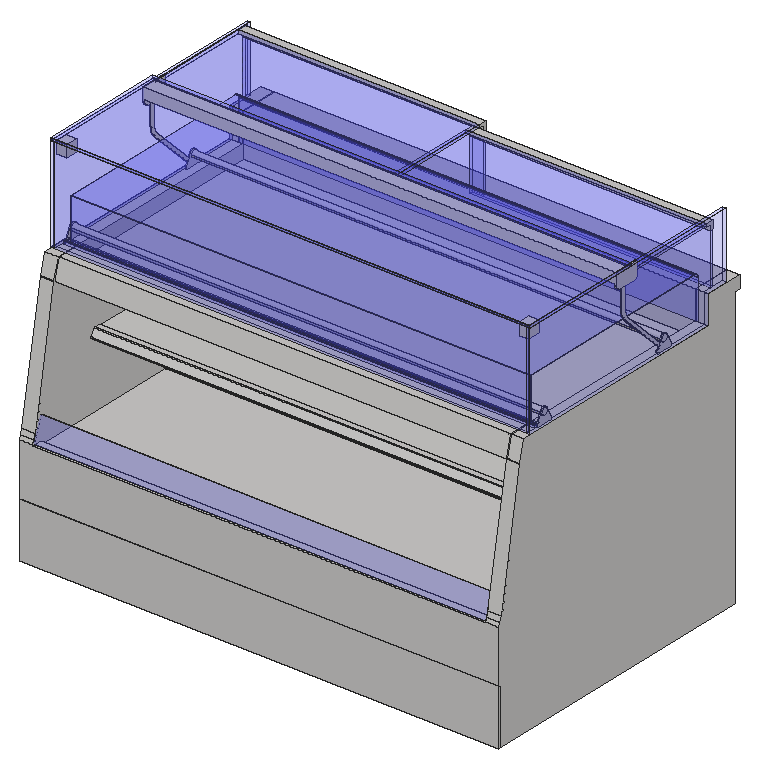
Revit family "Food-Service-Equipment_Oscartek_Gem_Combi-1500Rt_cat", category Specialty Equipment, Revit 2026 (continued)
Lines and regions (in)
  Split face 188
    outline origin (56.41942, -0.7874, 35.69127) x (0, 0, 1) y (1, 0, 0)
      loop
        line (-11.11742, -43.78699) -> (-11.11742, -42.91639)
        arc (-11.11742, -42.91639) -> (-11.12085, -42.86749) -> (-11.13107, -42.81955) r 0.35039
        line (-11.13107, -42.81955) -> (-11.2465, -42.41815)
        arc (-11.2465, -42.41815) -> (-11.2717, -42.38154) -> (-11.31385, -42.36744) r 0.07008
        line (-11.31385, -42.36744) -> (-11.41227, -42.36744) -> (-11.41227, -44.33594) -> (-11.31385, -44.33594)
        arc (-11.31385, -44.33594) -> (-11.2717, -44.32184) -> (-11.2465, -44.28523) r 0.07008
        line (-11.2465, -44.28523) -> (-11.13107, -43.88383)
        arc (-11.13107, -43.88383) -> (-11.12085, -43.83589) -> (-11.11742, -43.78699) r 0.35039
  Split face 189
    outline origin (56.41942, -0.7874, 34.69127) x (0, 0, 1) y (1, 0, 0)
      loop
        line (-11.11742, -43.78699) -> (-11.11742, -42.91639)
        arc (-11.11742, -42.91639) -> (-11.12085, -42.86749) -> (-11.13107, -42.81955) r 0.35039
        line (-11.13107, -42.81955) -> (-11.2465, -42.41815)
        arc (-11.2465, -42.41815) -> (-11.2717, -42.38154) -> (-11.31385, -42.36744) r 0.07008
        line (-11.31385, -42.36744) -> (-11.41227, -42.36744) -> (-11.41227, -44.33594) -> (-11.31385, -44.33594)
        arc (-11.31385, -44.33594) -> (-11.2717, -44.32184) -> (-11.2465, -44.28523) r 0.07008
        line (-11.2465, -44.28523) -> (-11.13107, -43.88383)
        arc (-11.13107, -43.88383) -> (-11.12085, -43.83589) -> (-11.11742, -43.78699) r 0.35039
  Split face 190
    outline origin (56.41942, -0.7874, 33.69127) x (0, 0, 1) y (1, 0, 0)
      loop
        line (-11.11742, -43.78699) -> (-11.11742, -42.91639)
        arc (-11.11742, -42.91639) -> (-11.12085, -42.86749) -> (-11.13107, -42.81955) r 0.35039
        line (-11.13107, -42.81955) -> (-11.2465, -42.41815)
        arc (-11.2465, -42.41815) -> (-11.2717, -42.38154) -> (-11.31385, -42.36744) r 0.07008
        line (-11.31385, -42.36744) -> (-11.41227, -42.36744) -> (-11.41227, -44.33594) -> (-11.31385, -44.33594)
        arc (-11.31385, -44.33594) -> (-11.2717, -44.32184) -> (-11.2465, -44.28523) r 0.07008
        line (-11.2465, -44.28523) -> (-11.13107, -43.88383)
        arc (-11.13107, -43.88383) -> (-11.12085, -43.83589) -> (-11.11742, -43.78699) r 0.35039
  Split face 191
    outline origin (56.41942, -0.7874, 32.69127) x (0, 0, 1) y (1, 0, 0)
      loop
        line (-11.11742, -43.78699) -> (-11.11742, -42.91639)
        arc (-11.11742, -42.91639) -> (-11.12085, -42.86749) -> (-11.13107, -42.81955) r 0.35039
        line (-11.13107, -42.81955) -> (-11.2465, -42.41815)
        arc (-11.2465, -42.41815) -> (-11.2717, -42.38154) -> (-11.31385, -42.36744) r 0.07008
        line (-11.31385, -42.36744) -> (-11.41227, -42.36744) -> (-11.41227, -44.33594) -> (-11.31385, -44.33594)
        arc (-11.31385, -44.33594) -> (-11.2717, -44.32184) -> (-11.2465, -44.28523) r 0.07008
        line (-11.2465, -44.28523) -> (-11.13107, -43.88383)
        arc (-11.13107, -43.88383) -> (-11.12085, -43.83589) -> (-11.11742, -43.78699) r 0.35039
  Split face 192
    outline origin (56.41942, -0.7874, 31.69127) x (0, 0, 1) y (1, 0, 0)
      loop
        line (-11.11742, -43.78699) -> (-11.11742, -42.91639)
        arc (-11.11742, -42.91639) -> (-11.12085, -42.86749) -> (-11.13107, -42.81955) r 0.35039
        line (-11.13107, -42.81955) -> (-11.2465, -42.41815)
        arc (-11.2465, -42.41815) -> (-11.2717, -42.38154) -> (-11.31385, -42.36744) r 0.07008
        line (-11.31385, -42.36744) -> (-11.41227, -42.36744) -> (-11.41227, -44.33594) -> (-11.31385, -44.33594)
        arc (-11.31385, -44.33594) -> (-11.2717, -44.32184) -> (-11.2465, -44.28523) r 0.07008
        line (-11.2465, -44.28523) -> (-11.13107, -43.88383)
        arc (-11.13107, -43.88383) -> (-11.12085, -43.83589) -> (-11.11742, -43.78699) r 0.35039
  Split face 193
    outline origin (56.41942, -0.7874, 30.69127) x (0, 0, 1) y (1, 0, 0)
      loop
        line (-11.11742, -43.78699) -> (-11.11742, -42.91639)
        arc (-11.11742, -42.91639) -> (-11.12085, -42.86749) -> (-11.13107, -42.81955) r 0.35039
        line (-11.13107, -42.81955) -> (-11.2465, -42.41815)
        arc (-11.2465, -42.41815) -> (-11.2717, -42.38154) -> (-11.31385, -42.36744) r 0.07008
        line (-11.31385, -42.36744) -> (-11.41227, -42.36744) -> (-11.41227, -44.33594) -> (-11.31385, -44.33594)
        arc (-11.31385, -44.33594) -> (-11.2717, -44.32184) -> (-11.2465, -44.28523) r 0.07008
        line (-11.2465, -44.28523) -> (-11.13107, -43.88383)
        arc (-11.13107, -43.88383) -> (-11.12085, -43.83589) -> (-11.11742, -43.78699) r 0.35039
  Split face 194
    outline origin (56.41942, -0.7874, 29.69127) x (0, 0, 1) y (1, 0, 0)
      loop
        line (-11.11742, -43.78699) -> (-11.11742, -42.91639)
        arc (-11.11742, -42.91639) -> (-11.12085, -42.86749) -> (-11.13107, -42.81955) r 0.35039
        line (-11.13107, -42.81955) -> (-11.2465, -42.41815)
        arc (-11.2465, -42.41815) -> (-11.2717, -42.38154) -> (-11.31385, -42.36744) r 0.07008
        line (-11.31385, -42.36744) -> (-11.41227, -42.36744) -> (-11.41227, -44.33594) -> (-11.31385, -44.33594)
        arc (-11.31385, -44.33594) -> (-11.2717, -44.32184) -> (-11.2465, -44.28523) r 0.07008
        line (-11.2465, -44.28523) -> (-11.13107, -43.88383)
        arc (-11.13107, -43.88383) -> (-11.12085, -43.83589) -> (-11.11742, -43.78699) r 0.35039
  Split face 195
    outline origin (56.41942, -0.7874, 28.69127) x (0, 0, 1) y (1, 0, 0)
      loop
        line (-11.11742, -43.78699) -> (-11.11742, -42.91639)
        arc (-11.11742, -42.91639) -> (-11.12085, -42.86749) -> (-11.13107, -42.81955) r 0.35039
        line (-11.13107, -42.81955) -> (-11.2465, -42.41815)
        arc (-11.2465, -42.41815) -> (-11.2717, -42.38154) -> (-11.31385, -42.36744) r 0.07008
        line (-11.31385, -42.36744) -> (-11.41227, -42.36744) -> (-11.41227, -44.33594) -> (-11.31385, -44.33594)
        arc (-11.31385, -44.33594) -> (-11.2717, -44.32184) -> (-11.2465, -44.28523) r 0.07008
        line (-11.2465, -44.28523) -> (-11.13107, -43.88383)
        arc (-11.13107, -43.88383) -> (-11.12085, -43.83589) -> (-11.11742, -43.78699) r 0.35039
  Split face 196
    outline origin (56.41942, -0.7874, 27.69127) x (0, 0, 1) y (1, 0, 0)
      loop
        line (-11.11742, -43.78699) -> (-11.11742, -42.91639)
        arc (-11.11742, -42.91639) -> (-11.12085, -42.86749) -> (-11.13107, -42.81955) r 0.35039
        line (-11.13107, -42.81955) -> (-11.2465, -42.41815)
        arc (-11.2465, -42.41815) -> (-11.2717, -42.38154) -> (-11.31385, -42.36744) r 0.07008
        line (-11.31385, -42.36744) -> (-11.41227, -42.36744) -> (-11.41227, -44.33594) -> (-11.31385, -44.33594)
        arc (-11.31385, -44.33594) -> (-11.2717, -44.32184) -> (-11.2465, -44.28523) r 0.07008
        line (-11.2465, -44.28523) -> (-11.13107, -43.88383)
        arc (-11.13107, -43.88383) -> (-11.12085, -43.83589) -> (-11.11742, -43.78699) r 0.35039
  Split face 197
    outline origin (56.41942, -0.7874, 36.69127) x (0, 0, 1) y (1, 0, 0)
      loop
        line (-11.11742, -43.78699) -> (-11.11742, -42.91639)
        arc (-11.11742, -42.91639) -> (-11.12085, -42.86749) -> (-11.13107, -42.81955) r 0.35039
        line (-11.13107, -42.81955) -> (-11.2465, -42.41815)
        arc (-11.2465, -42.41815) -> (-11.2717, -42.38154) -> (-11.31385, -42.36744) r 0.07008
        line (-11.31385, -42.36744) -> (-11.41227, -42.36744) -> (-11.41227, -44.33594) -> (-11.31385, -44.33594)
        arc (-11.31385, -44.33594) -> (-11.2717, -44.32184) -> (-11.2465, -44.28523) r 0.07008
        line (-11.2465, -44.28523) -> (-11.13107, -43.88383)
        arc (-11.13107, -43.88383) -> (-11.12085, -43.83589) -> (-11.11742, -43.78699) r 0.35039
  Split face 198
    outline origin (58.66942, -0.7874, 26.69127) x (0, 0, 1) y (1, 0, 0)
      loop
        line (-11.11742, -43.78699) -> (-11.11742, -42.91639)
        arc (-11.11742, -42.91639) -> (-11.12085, -42.86749) -> (-11.13107, -42.81955) r 0.35039
        line (-11.13107, -42.81955) -> (-11.2465, -42.41815)
        arc (-11.2465, -42.41815) -> (-11.2717, -42.38154) -> (-11.31385, -42.36744) r 0.07008
        line (-11.31385, -42.36744) -> (-11.41227, -42.36744) -> (-11.41227, -44.33594) -> (-11.31385, -44.33594)
        arc (-11.31385, -44.33594) -> (-11.2717, -44.32184) -> (-11.2465, -44.28523) r 0.07008
        line (-11.2465, -44.28523) -> (-11.13107, -43.88383)
        arc (-11.13107, -43.88383) -> (-11.12085, -43.83589) -> (-11.11742, -43.78699) r 0.35039
  Split face 199
    outline origin (58.66942, -0.7874, 25.69127) x (0, 0, 1) y (1, 0, 0)
      loop
        line (-11.11742, -43.78699) -> (-11.11742, -42.91639)
        arc (-11.11742, -42.91639) -> (-11.12085, -42.86749) -> (-11.13107, -42.81955) r 0.35039
        line (-11.13107, -42.81955) -> (-11.2465, -42.41815)
        arc (-11.2465, -42.41815) -> (-11.2717, -42.38154) -> (-11.31385, -42.36744) r 0.07008
        line (-11.31385, -42.36744) -> (-11.41227, -42.36744) -> (-11.41227, -44.33594) -> (-11.31385, -44.33594)
        arc (-11.31385, -44.33594) -> (-11.2717, -44.32184) -> (-11.2465, -44.28523) r 0.07008
        line (-11.2465, -44.28523) -> (-11.13107, -43.88383)
        arc (-11.13107, -43.88383) -> (-11.12085, -43.83589) -> (-11.11742, -43.78699) r 0.35039
  Split face 200
    outline origin (58.66942, -0.7874, 24.69127) x (0, 0, 1) y (1, 0, 0)
      loop
        line (-11.11742, -43.78699) -> (-11.11742, -42.91639)
        arc (-11.11742, -42.91639) -> (-11.12085, -42.86749) -> (-11.13107, -42.81955) r 0.35039
        line (-11.13107, -42.81955) -> (-11.2465, -42.41815)
        arc (-11.2465, -42.41815) -> (-11.2717, -42.38154) -> (-11.31385, -42.36744) r 0.07008
        line (-11.31385, -42.36744) -> (-11.41227, -42.36744) -> (-11.41227, -44.33594) -> (-11.31385, -44.33594)
        arc (-11.31385, -44.33594) -> (-11.2717, -44.32184) -> (-11.2465, -44.28523) r 0.07008
        line (-11.2465, -44.28523) -> (-11.13107, -43.88383)
        arc (-11.13107, -43.88383) -> (-11.12085, -43.83589) -> (-11.11742, -43.78699) r 0.35039
  Split face 201
    outline origin (58.66942, -0.7874, 23.69127) x (0, 0, 1) y (1, 0, 0)
      loop
        line (-11.11742, -43.78699) -> (-11.11742, -42.91639)
        arc (-11.11742, -42.91639) -> (-11.12085, -42.86749) -> (-11.13107, -42.81955) r 0.35039
        line (-11.13107, -42.81955) -> (-11.2465, -42.41815)
        arc (-11.2465, -42.41815) -> (-11.2717, -42.38154) -> (-11.31385, -42.36744) r 0.07008
        line (-11.31385, -42.36744) -> (-11.41227, -42.36744) -> (-11.41227, -44.33594) -> (-11.31385, -44.33594)
        arc (-11.31385, -44.33594) -> (-11.2717, -44.32184) -> (-11.2465, -44.28523) r 0.07008
        line (-11.2465, -44.28523) -> (-11.13107, -43.88383)
        arc (-11.13107, -43.88383) -> (-11.12085, -43.83589) -> (-11.11742, -43.78699) r 0.35039
  Split face 202
    outline origin (58.66942, -0.7874, 22.69127) x (0, 0, 1) y (1, 0, 0)
      loop
        line (-11.11742, -43.78699) -> (-11.11742, -42.91639)
        arc (-11.11742, -42.91639) -> (-11.12085, -42.86749) -> (-11.13107, -42.81955) r 0.35039
        line (-11.13107, -42.81955) -> (-11.2465, -42.41815)
        arc (-11.2465, -42.41815) -> (-11.2717, -42.38154) -> (-11.31385, -42.36744) r 0.07008
        line (-11.31385, -42.36744) -> (-11.41227, -42.36744) -> (-11.41227, -44.33594) -> (-11.31385, -44.33594)
        arc (-11.31385, -44.33594) -> (-11.2717, -44.32184) -> (-11.2465, -44.28523) r 0.07008
        line (-11.2465, -44.28523) -> (-11.13107, -43.88383)
        arc (-11.13107, -43.88383) -> (-11.12085, -43.83589) -> (-11.11742, -43.78699) r 0.35039
  Split face 203
    outline origin (58.66942, -0.7874, 21.69127) x (0, 0, 1) y (1, 0, 0)
      loop
        line (-11.11742, -43.78699) -> (-11.11742, -42.91639)
        arc (-11.11742, -42.91639) -> (-11.12085, -42.86749) -> (-11.13107, -42.81955) r 0.35039
        line (-11.13107, -42.81955) -> (-11.2465, -42.41815)
        arc (-11.2465, -42.41815) -> (-11.2717, -42.38154) -> (-11.31385, -42.36744) r 0.07008
        line (-11.31385, -42.36744) -> (-11.41227, -42.36744) -> (-11.41227, -44.33594) -> (-11.31385, -44.33594)
        arc (-11.31385, -44.33594) -> (-11.2717, -44.32184) -> (-11.2465, -44.28523) r 0.07008
        line (-11.2465, -44.28523) -> (-11.13107, -43.88383)
        arc (-11.13107, -43.88383) -> (-11.12085, -43.83589) -> (-11.11742, -43.78699) r 0.35039
  Split face 204
    outline origin (58.66942, -0.7874, 20.69127) x (0, 0, 1) y (1, 0, 0)
      loop
        line (-11.11742, -43.78699) -> (-11.11742, -42.91639)
        arc (-11.11742, -42.91639) -> (-11.12085, -42.86749) -> (-11.13107, -42.81955) r 0.35039
        line (-11.13107, -42.81955) -> (-11.2465, -42.41815)
        arc (-11.2465, -42.41815) -> (-11.2717, -42.38154) -> (-11.31385, -42.36744) r 0.07008
        line (-11.31385, -42.36744) -> (-11.41227, -42.36744) -> (-11.41227, -44.33594) -> (-11.31385, -44.33594)
        arc (-11.31385, -44.33594) -> (-11.2717, -44.32184) -> (-11.2465, -44.28523) r 0.07008
        line (-11.2465, -44.28523) -> (-11.13107, -43.88383)
        arc (-11.13107, -43.88383) -> (-11.12085, -43.83589) -> (-11.11742, -43.78699) r 0.35039
  Split face 205
    outline origin (58.66942, -0.7874, 19.69127) x (0, 0, 1) y (1, 0, 0)
      loop
        line (-11.11742, -43.78699) -> (-11.11742, -42.91639)
        arc (-11.11742, -42.91639) -> (-11.12085, -42.86749) -> (-11.13107, -42.81955) r 0.35039
        line (-11.13107, -42.81955) -> (-11.2465, -42.41815)
        arc (-11.2465, -42.41815) -> (-11.2717, -42.38154) -> (-11.31385, -42.36744) r 0.07008
        line (-11.31385, -42.36744) -> (-11.41227, -42.36744) -> (-11.41227, -44.33594) -> (-11.31385, -44.33594)
        arc (-11.31385, -44.33594) -> (-11.2717, -44.32184) -> (-11.2465, -44.28523) r 0.07008
        line (-11.2465, -44.28523) -> (-11.13107, -43.88383)
        arc (-11.13107, -43.88383) -> (-11.12085, -43.83589) -> (-11.11742, -43.78699) r 0.35039
  Split face 206
    outline origin (58.66942, -0.7874, 18.69127) x (0, 0, 1) y (1, 0, 0)
      loop
        line (-11.11742, -43.78699) -> (-11.11742, -42.91639)
        arc (-11.11742, -42.91639) -> (-11.12085, -42.86749) -> (-11.13107, -42.81955) r 0.35039
        line (-11.13107, -42.81955) -> (-11.2465, -42.41815)
        arc (-11.2465, -42.41815) -> (-11.2717, -42.38154) -> (-11.31385, -42.36744) r 0.07008
        line (-11.31385, -42.36744) -> (-11.41227, -42.36744) -> (-11.41227, -44.33594) -> (-11.31385, -44.33594)
        arc (-11.31385, -44.33594) -> (-11.2717, -44.32184) -> (-11.2465, -44.28523) r 0.07008
        line (-11.2465, -44.28523) -> (-11.13107, -43.88383)
        arc (-11.13107, -43.88383) -> (-11.12085, -43.83589) -> (-11.11742, -43.78699) r 0.35039
  Split face 207
    outline origin (58.66942, -0.7874, 17.69127) x (0, 0, 1) y (1, 0, 0)
      loop
        line (-11.11742, -43.78699) -> (-11.11742, -42.91639)
        arc (-11.11742, -42.91639) -> (-11.12085, -42.86749) -> (-11.13107, -42.81955) r 0.35039
        line (-11.13107, -42.81955) -> (-11.2465, -42.41815)
        arc (-11.2465, -42.41815) -> (-11.2717, -42.38154) -> (-11.31385, -42.36744) r 0.07008
        line (-11.31385, -42.36744) -> (-11.41227, -42.36744) -> (-11.41227, -44.33594) -> (-11.31385, -44.33594)
        arc (-11.31385, -44.33594) -> (-11.2717, -44.32184) -> (-11.2465, -44.28523) r 0.07008
        line (-11.2465, -44.28523) -> (-11.13107, -43.88383)
        arc (-11.13107, -43.88383) -> (-11.12085, -43.83589) -> (-11.11742, -43.78699) r 0.35039
  Split face 208
    outline origin (58.66942, -0.7874, 35.69127) x (0, 0, 1) y (1, 0, 0)
      loop
        line (-11.11742, -43.78699) -> (-11.11742, -42.91639)
        arc (-11.11742, -42.91639) -> (-11.12085, -42.86749) -> (-11.13107, -42.81955) r 0.35039
        line (-11.13107, -42.81955) -> (-11.2465, -42.41815)
        arc (-11.2465, -42.41815) -> (-11.2717, -42.38154) -> (-11.31385, -42.36744) r 0.07008
        line (-11.31385, -42.36744) -> (-11.41227, -42.36744) -> (-11.41227, -44.33594) -> (-11.31385, -44.33594)
        arc (-11.31385, -44.33594) -> (-11.2717, -44.32184) -> (-11.2465, -44.28523) r 0.07008
        line (-11.2465, -44.28523) -> (-11.13107, -43.88383)
        arc (-11.13107, -43.88383) -> (-11.12085, -43.83589) -> (-11.11742, -43.78699) r 0.35039
  Split face 209
    outline origin (58.66942, -0.7874, 34.69127) x (0, 0, 1) y (1, 0, 0)
      loop
        line (-11.11742, -43.78699) -> (-11.11742, -42.91639)
        arc (-11.11742, -42.91639) -> (-11.12085, -42.86749) -> (-11.13107, -42.81955) r 0.35039
        line (-11.13107, -42.81955) -> (-11.2465, -42.41815)
        arc (-11.2465, -42.41815) -> (-11.2717, -42.38154) -> (-11.31385, -42.36744) r 0.07008
        line (-11.31385, -42.36744) -> (-11.41227, -42.36744) -> (-11.41227, -44.33594) -> (-11.31385, -44.33594)
        arc (-11.31385, -44.33594) -> (-11.2717, -44.32184) -> (-11.2465, -44.28523) r 0.07008
        line (-11.2465, -44.28523) -> (-11.13107, -43.88383)
        arc (-11.13107, -43.88383) -> (-11.12085, -43.83589) -> (-11.11742, -43.78699) r 0.35039
  Split face 210
    outline origin (58.66942, -0.7874, 33.69127) x (0, 0, 1) y (1, 0, 0)
      loop
        line (-11.11742, -43.78699) -> (-11.11742, -42.91639)
        arc (-11.11742, -42.91639) -> (-11.12085, -42.86749) -> (-11.13107, -42.81955) r 0.35039
        line (-11.13107, -42.81955) -> (-11.2465, -42.41815)
        arc (-11.2465, -42.41815) -> (-11.2717, -42.38154) -> (-11.31385, -42.36744) r 0.07008
        line (-11.31385, -42.36744) -> (-11.41227, -42.36744) -> (-11.41227, -44.33594) -> (-11.31385, -44.33594)
        arc (-11.31385, -44.33594) -> (-11.2717, -44.32184) -> (-11.2465, -44.28523) r 0.07008
        line (-11.2465, -44.28523) -> (-11.13107, -43.88383)
        arc (-11.13107, -43.88383) -> (-11.12085, -43.83589) -> (-11.11742, -43.78699) r 0.35039
  Split face 211
    outline origin (58.66942, -0.7874, 32.69127) x (0, 0, 1) y (1, 0, 0)
      loop
        line (-11.11742, -43.78699) -> (-11.11742, -42.91639)
        arc (-11.11742, -42.91639) -> (-11.12085, -42.86749) -> (-11.13107, -42.81955) r 0.35039
        line (-11.13107, -42.81955) -> (-11.2465, -42.41815)
        arc (-11.2465, -42.41815) -> (-11.2717, -42.38154) -> (-11.31385, -42.36744) r 0.07008
        line (-11.31385, -42.36744) -> (-11.41227, -42.36744) -> (-11.41227, -44.33594) -> (-11.31385, -44.33594)
        arc (-11.31385, -44.33594) -> (-11.2717, -44.32184) -> (-11.2465, -44.28523) r 0.07008
        line (-11.2465, -44.28523) -> (-11.13107, -43.88383)
        arc (-11.13107, -43.88383) -> (-11.12085, -43.83589) -> (-11.11742, -43.78699) r 0.35039
  Split face 212
    outline origin (58.66942, -0.7874, 31.69127) x (0, 0, 1) y (1, 0, 0)
      loop
        line (-11.11742, -43.78699) -> (-11.11742, -42.91639)
        arc (-11.11742, -42.91639) -> (-11.12085, -42.86749) -> (-11.13107, -42.81955) r 0.35039
        line (-11.13107, -42.81955) -> (-11.2465, -42.41815)
        arc (-11.2465, -42.41815) -> (-11.2717, -42.38154) -> (-11.31385, -42.36744) r 0.07008
        line (-11.31385, -42.36744) -> (-11.41227, -42.36744) -> (-11.41227, -44.33594) -> (-11.31385, -44.33594)
        arc (-11.31385, -44.33594) -> (-11.2717, -44.32184) -> (-11.2465, -44.28523) r 0.07008
        line (-11.2465, -44.28523) -> (-11.13107, -43.88383)
        arc (-11.13107, -43.88383) -> (-11.12085, -43.83589) -> (-11.11742, -43.78699) r 0.35039
  Split face 213
    outline origin (58.66942, -0.7874, 30.69127) x (0, 0, 1) y (1, 0, 0)
      loop
        line (-11.11742, -43.78699) -> (-11.11742, -42.91639)
        arc (-11.11742, -42.91639) -> (-11.12085, -42.86749) -> (-11.13107, -42.81955) r 0.35039
        line (-11.13107, -42.81955) -> (-11.2465, -42.41815)
        arc (-11.2465, -42.41815) -> (-11.2717, -42.38154) -> (-11.31385, -42.36744) r 0.07008
        line (-11.31385, -42.36744) -> (-11.41227, -42.36744) -> (-11.41227, -44.33594) -> (-11.31385, -44.33594)
        arc (-11.31385, -44.33594) -> (-11.2717, -44.32184) -> (-11.2465, -44.28523) r 0.07008
        line (-11.2465, -44.28523) -> (-11.13107, -43.88383)
        arc (-11.13107, -43.88383) -> (-11.12085, -43.83589) -> (-11.11742, -43.78699) r 0.35039
  Split face 214
    outline origin (58.66942, -0.7874, 29.69127) x (0, 0, 1) y (1, 0, 0)
      loop
        line (-11.11742, -43.78699) -> (-11.11742, -42.91639)
        arc (-11.11742, -42.91639) -> (-11.12085, -42.86749) -> (-11.13107, -42.81955) r 0.35039
        line (-11.13107, -42.81955) -> (-11.2465, -42.41815)
        arc (-11.2465, -42.41815) -> (-11.2717, -42.38154) -> (-11.31385, -42.36744) r 0.07008
        line (-11.31385, -42.36744) -> (-11.41227, -42.36744) -> (-11.41227, -44.33594) -> (-11.31385, -44.33594)
        arc (-11.31385, -44.33594) -> (-11.2717, -44.32184) -> (-11.2465, -44.28523) r 0.07008
        line (-11.2465, -44.28523) -> (-11.13107, -43.88383)
        arc (-11.13107, -43.88383) -> (-11.12085, -43.83589) -> (-11.11742, -43.78699) r 0.35039
  Split face 215
    outline origin (58.66942, -0.7874, 28.69127) x (0, 0, 1) y (1, 0, 0)
      loop
        line (-11.11742, -43.78699) -> (-11.11742, -42.91639)
        arc (-11.11742, -42.91639) -> (-11.12085, -42.86749) -> (-11.13107, -42.81955) r 0.35039
        line (-11.13107, -42.81955) -> (-11.2465, -42.41815)
        arc (-11.2465, -42.41815) -> (-11.2717, -42.38154) -> (-11.31385, -42.36744) r 0.07008
        line (-11.31385, -42.36744) -> (-11.41227, -42.36744) -> (-11.41227, -44.33594) -> (-11.31385, -44.33594)
        arc (-11.31385, -44.33594) -> (-11.2717, -44.32184) -> (-11.2465, -44.28523) r 0.07008
        line (-11.2465, -44.28523) -> (-11.13107, -43.88383)
        arc (-11.13107, -43.88383) -> (-11.12085, -43.83589) -> (-11.11742, -43.78699) r 0.35039
  Split face 216
    outline origin (58.66942, -0.7874, 27.69127) x (0, 0, 1) y (1, 0, 0)
      loop
        line (-11.11742, -43.78699) -> (-11.11742, -42.91639)
        arc (-11.11742, -42.91639) -> (-11.12085, -42.86749) -> (-11.13107, -42.81955) r 0.35039
        line (-11.13107, -42.81955) -> (-11.2465, -42.41815)
        arc (-11.2465, -42.41815) -> (-11.2717, -42.38154) -> (-11.31385, -42.36744) r 0.07008
        line (-11.31385, -42.36744) -> (-11.41227, -42.36744) -> (-11.41227, -44.33594) -> (-11.31385, -44.33594)
        arc (-11.31385, -44.33594) -> (-11.2717, -44.32184) -> (-11.2465, -44.28523) r 0.07008
        line (-11.2465, -44.28523) -> (-11.13107, -43.88383)
        arc (-11.13107, -43.88383) -> (-11.12085, -43.83589) -> (-11.11742, -43.78699) r 0.35039
  Split face 217
    outline origin (58.66942, -0.7874, 36.69127) x (0, 0, 1) y (1, 0, 0)
      loop
        line (-11.11742, -43.78699) -> (-11.11742, -42.91639)
        arc (-11.11742, -42.91639) -> (-11.12085, -42.86749) -> (-11.13107, -42.81955) r 0.35039
        line (-11.13107, -42.81955) -> (-11.2465, -42.41815)
        arc (-11.2465, -42.41815) -> (-11.2717, -42.38154) -> (-11.31385, -42.36744) r 0.07008
        line (-11.31385, -42.36744) -> (-11.41227, -42.36744) -> (-11.41227, -44.33594) -> (-11.31385, -44.33594)
        arc (-11.31385, -44.33594) -> (-11.2717, -44.32184) -> (-11.2465, -44.28523) r 0.07008
        line (-11.2465, -44.28523) -> (-11.13107, -43.88383)
        arc (-11.13107, -43.88383) -> (-11.12085, -43.83589) -> (-11.11742, -43.78699) r 0.35039
  Split face 218
    outline origin (65.16942, -0.7874, 26.69127) x (0, 0, 1) y (1, 0, 0)
      loop
        line (-11.11742, -24.09949) -> (-11.11742, -23.22889)
        arc (-11.11742, -23.22889) -> (-11.12085, -23.17999) -> (-11.13107, -23.13205) r 0.35039
        line (-11.13107, -23.13205) -> (-11.2465, -22.73065)
        arc (-11.2465, -22.73065) -> (-11.2717, -22.69404) -> (-11.31385, -22.67994) r 0.07008
        line (-11.31385, -22.67994) -> (-11.41227, -22.67994) -> (-11.41227, -24.64844) -> (-11.31385, -24.64844)
        arc (-11.31385, -24.64844) -> (-11.2717, -24.63434) -> (-11.2465, -24.59773) r 0.07008
        line (-11.2465, -24.59773) -> (-11.13107, -24.19633)
        arc (-11.13107, -24.19633) -> (-11.12085, -24.14839) -> (-11.11742, -24.09949) r 0.35039
  Split face 219
    outline origin (65.16942, -0.7874, 25.69127) x (0, 0, 1) y (1, 0, 0)
      loop
        line (-11.11742, -24.09949) -> (-11.11742, -23.22889)
        arc (-11.11742, -23.22889) -> (-11.12085, -23.17999) -> (-11.13107, -23.13205) r 0.35039
        line (-11.13107, -23.13205) -> (-11.2465, -22.73065)
        arc (-11.2465, -22.73065) -> (-11.2717, -22.69404) -> (-11.31385, -22.67994) r 0.07008
        line (-11.31385, -22.67994) -> (-11.41227, -22.67994) -> (-11.41227, -24.64844) -> (-11.31385, -24.64844)
        arc (-11.31385, -24.64844) -> (-11.2717, -24.63434) -> (-11.2465, -24.59773) r 0.07008
        line (-11.2465, -24.59773) -> (-11.13107, -24.19633)
        arc (-11.13107, -24.19633) -> (-11.12085, -24.14839) -> (-11.11742, -24.09949) r 0.35039
  Split face 220
    outline origin (65.16942, -0.7874, 24.69127) x (0, 0, 1) y (1, 0, 0)
      loop
        line (-11.11742, -24.09949) -> (-11.11742, -23.22889)
        arc (-11.11742, -23.22889) -> (-11.12085, -23.17999) -> (-11.13107, -23.13205) r 0.35039
        line (-11.13107, -23.13205) -> (-11.2465, -22.73065)
        arc (-11.2465, -22.73065) -> (-11.2717, -22.69404) -> (-11.31385, -22.67994) r 0.07008
        line (-11.31385, -22.67994) -> (-11.41227, -22.67994) -> (-11.41227, -24.64844) -> (-11.31385, -24.64844)
        arc (-11.31385, -24.64844) -> (-11.2717, -24.63434) -> (-11.2465, -24.59773) r 0.07008
        line (-11.2465, -24.59773) -> (-11.13107, -24.19633)
        arc (-11.13107, -24.19633) -> (-11.12085, -24.14839) -> (-11.11742, -24.09949) r 0.35039
  Split face 221
    outline origin (65.16942, -0.7874, 23.69127) x (0, 0, 1) y (1, 0, 0)
      loop
        line (-11.11742, -24.09949) -> (-11.11742, -23.22889)
        arc (-11.11742, -23.22889) -> (-11.12085, -23.17999) -> (-11.13107, -23.13205) r 0.35039
        line (-11.13107, -23.13205) -> (-11.2465, -22.73065)
        arc (-11.2465, -22.73065) -> (-11.2717, -22.69404) -> (-11.31385, -22.67994) r 0.07008
        line (-11.31385, -22.67994) -> (-11.41227, -22.67994) -> (-11.41227, -24.64844) -> (-11.31385, -24.64844)
        arc (-11.31385, -24.64844) -> (-11.2717, -24.63434) -> (-11.2465, -24.59773) r 0.07008
        line (-11.2465, -24.59773) -> (-11.13107, -24.19633)
        arc (-11.13107, -24.19633) -> (-11.12085, -24.14839) -> (-11.11742, -24.09949) r 0.35039
  Split face 222
    outline origin (65.16942, -0.7874, 22.69127) x (0, 0, 1) y (1, 0, 0)
      loop
        line (-11.11742, -24.09949) -> (-11.11742, -23.22889)
        arc (-11.11742, -23.22889) -> (-11.12085, -23.17999) -> (-11.13107, -23.13205) r 0.35039
        line (-11.13107, -23.13205) -> (-11.2465, -22.73065)
        arc (-11.2465, -22.73065) -> (-11.2717, -22.69404) -> (-11.31385, -22.67994) r 0.07008
        line (-11.31385, -22.67994) -> (-11.41227, -22.67994) -> (-11.41227, -24.64844) -> (-11.31385, -24.64844)
        arc (-11.31385, -24.64844) -> (-11.2717, -24.63434) -> (-11.2465, -24.59773) r 0.07008
        line (-11.2465, -24.59773) -> (-11.13107, -24.19633)
        arc (-11.13107, -24.19633) -> (-11.12085, -24.14839) -> (-11.11742, -24.09949) r 0.35039
  Split face 223
    outline origin (65.16942, -0.7874, 21.69127) x (0, 0, 1) y (1, 0, 0)
      loop
        line (-11.11742, -24.09949) -> (-11.11742, -23.22889)
        arc (-11.11742, -23.22889) -> (-11.12085, -23.17999) -> (-11.13107, -23.13205) r 0.35039
        line (-11.13107, -23.13205) -> (-11.2465, -22.73065)
        arc (-11.2465, -22.73065) -> (-11.2717, -22.69404) -> (-11.31385, -22.67994) r 0.07008
        line (-11.31385, -22.67994) -> (-11.41227, -22.67994) -> (-11.41227, -24.64844) -> (-11.31385, -24.64844)
        arc (-11.31385, -24.64844) -> (-11.2717, -24.63434) -> (-11.2465, -24.59773) r 0.07008
        line (-11.2465, -24.59773) -> (-11.13107, -24.19633)
        arc (-11.13107, -24.19633) -> (-11.12085, -24.14839) -> (-11.11742, -24.09949) r 0.35039
  Split face 224
    outline origin (65.16942, -0.7874, 20.69127) x (0, 0, 1) y (1, 0, 0)
      loop
        line (-11.11742, -24.09949) -> (-11.11742, -23.22889)
        arc (-11.11742, -23.22889) -> (-11.12085, -23.17999) -> (-11.13107, -23.13205) r 0.35039
        line (-11.13107, -23.13205) -> (-11.2465, -22.73065)
        arc (-11.2465, -22.73065) -> (-11.2717, -22.69404) -> (-11.31385, -22.67994) r 0.07008
        line (-11.31385, -22.67994) -> (-11.41227, -22.67994) -> (-11.41227, -24.64844) -> (-11.31385, -24.64844)
        arc (-11.31385, -24.64844) -> (-11.2717, -24.63434) -> (-11.2465, -24.59773) r 0.07008
        line (-11.2465, -24.59773) -> (-11.13107, -24.19633)
        arc (-11.13107, -24.19633) -> (-11.12085, -24.14839) -> (-11.11742, -24.09949) r 0.35039
  Split face 225
    outline origin (65.16942, -0.7874, 19.69127) x (0, 0, 1) y (1, 0, 0)
      loop
        line (-11.11742, -24.09949) -> (-11.11742, -23.22889)
        arc (-11.11742, -23.22889) -> (-11.12085, -23.17999) -> (-11.13107, -23.13205) r 0.35039
        line (-11.13107, -23.13205) -> (-11.2465, -22.73065)
        arc (-11.2465, -22.73065) -> (-11.2717, -22.69404) -> (-11.31385, -22.67994) r 0.07008
        line (-11.31385, -22.67994) -> (-11.41227, -22.67994) -> (-11.41227, -24.64844) -> (-11.31385, -24.64844)
        arc (-11.31385, -24.64844) -> (-11.2717, -24.63434) -> (-11.2465, -24.59773) r 0.07008
        line (-11.2465, -24.59773) -> (-11.13107, -24.19633)
        arc (-11.13107, -24.19633) -> (-11.12085, -24.14839) -> (-11.11742, -24.09949) r 0.35039
  Split face 226
    outline origin (65.16942, -0.7874, 18.69127) x (0, 0, 1) y (1, 0, 0)
      loop
        line (-11.11742, -24.09949) -> (-11.11742, -23.22889)
        arc (-11.11742, -23.22889) -> (-11.12085, -23.17999) -> (-11.13107, -23.13205) r 0.35039
        line (-11.13107, -23.13205) -> (-11.2465, -22.73065)
        arc (-11.2465, -22.73065) -> (-11.2717, -22.69404) -> (-11.31385, -22.67994) r 0.07008
        line (-11.31385, -22.67994) -> (-11.41227, -22.67994) -> (-11.41227, -24.64844) -> (-11.31385, -24.64844)
        arc (-11.31385, -24.64844) -> (-11.2717, -24.63434) -> (-11.2465, -24.59773) r 0.07008
        line (-11.2465, -24.59773) -> (-11.13107, -24.19633)
        arc (-11.13107, -24.19633) -> (-11.12085, -24.14839) -> (-11.11742, -24.09949) r 0.35039
  Split face 227
    outline origin (65.16942, -0.7874, 17.69127) x (0, 0, 1) y (1, 0, 0)
      loop
        line (-11.11742, -24.09949) -> (-11.11742, -23.22889)
        arc (-11.11742, -23.22889) -> (-11.12085, -23.17999) -> (-11.13107, -23.13205) r 0.35039
        line (-11.13107, -23.13205) -> (-11.2465, -22.73065)
        arc (-11.2465, -22.73065) -> (-11.2717, -22.69404) -> (-11.31385, -22.67994) r 0.07008
        line (-11.31385, -22.67994) -> (-11.41227, -22.67994) -> (-11.41227, -24.64844) -> (-11.31385, -24.64844)
        arc (-11.31385, -24.64844) -> (-11.2717, -24.63434) -> (-11.2465, -24.59773) r 0.07008
        line (-11.2465, -24.59773) -> (-11.13107, -24.19633)
        arc (-11.13107, -24.19633) -> (-11.12085, -24.14839) -> (-11.11742, -24.09949) r 0.35039
  Split face 228
    outline origin (65.16942, -0.7874, 27.69127) x (0, 0, 1) y (1, 0, 0)
      loop
        line (-11.11742, -24.09949) -> (-11.11742, -23.22889)
        arc (-11.11742, -23.22889) -> (-11.12085, -23.17999) -> (-11.13107, -23.13205) r 0.35039
        line (-11.13107, -23.13205) -> (-11.2465, -22.73065)
        arc (-11.2465, -22.73065) -> (-11.2717, -22.69404) -> (-11.31385, -22.67994) r 0.07008
        line (-11.31385, -22.67994) -> (-11.41227, -22.67994) -> (-11.41227, -24.64844) -> (-11.31385, -24.64844)
        arc (-11.31385, -24.64844) -> (-11.2717, -24.63434) -> (-11.2465, -24.59773) r 0.07008
        line (-11.2465, -24.59773) -> (-11.13107, -24.19633)
        arc (-11.13107, -24.19633) -> (-11.12085, -24.14839) -> (-11.11742, -24.09949) r 0.35039
  Split face 229
    outline origin (12.02602, -37.125, -27.09375) x (0, 0, 1) y (-1, 0, 0)
      loop
        line (29.0915, -14.05198) -> (29.18992, -14.05198)
        arc (29.18992, -14.05198) -> (29.23207, -14.03789) -> (29.25727, -14.00127) r 0.07008
        line (29.25727, -14.00127) -> (29.3727, -13.59987)
        arc (29.3727, -13.59987) -> (29.38291, -13.55193) -> (29.38634, -13.50303) r 0.35039
        line (29.38634, -13.50303) -> (29.38634, -12.63243)
        arc (29.38634, -12.63243) -> (29.38291, -12.58353) -> (29.3727, -12.53559) r 0.35039
        line (29.3727, -12.53559) -> (29.25727, -12.13419)
        arc (29.25727, -12.13419) -> (29.23207, -12.09758) -> (29.18992, -12.08348) r 0.07008
        line (29.18992, -12.08348) -> (29.0915, -12.08348) -> (29.0915, -14.05198)
  Split face 230
    outline origin (12.07164, -37.125, -26.54631) x (0, 0, 1) y (-1, 0, 0)
      loop
        line (29.54406, -14.00636) -> (29.64248, -14.00636)
        arc (29.64248, -14.00636) -> (29.68463, -13.99227) -> (29.70983, -13.95565) r 0.07008
        line (29.70983, -13.95565) -> (29.82526, -13.55425)
        arc (29.82526, -13.55425) -> (29.83548, -13.50631) -> (29.83891, -13.45741) r 0.35039
        line (29.83891, -13.45741) -> (29.83891, -12.58681)
        arc (29.83891, -12.58681) -> (29.83548, -12.53791) -> (29.82526, -12.48997) r 0.35039
        line (29.82526, -12.48997) -> (29.70983, -12.08857)
        arc (29.70983, -12.08857) -> (29.68463, -12.05196) -> (29.64248, -12.03786) r 0.07008
        line (29.64248, -12.03786) -> (29.54406, -12.03786) -> (29.54406, -14.00636)
  Split face 231
    outline origin (12.02602, -37.125, -28.09375) x (0, 0, 1) y (-1, 0, 0)
      loop
        line (29.0915, -14.05198) -> (29.18992, -14.05198)
        arc (29.18992, -14.05198) -> (29.23207, -14.03789) -> (29.25727, -14.00127) r 0.07008
        line (29.25727, -14.00127) -> (29.3727, -13.59987)
        arc (29.3727, -13.59987) -> (29.38291, -13.55193) -> (29.38634, -13.50303) r 0.35039
        line (29.38634, -13.50303) -> (29.38634, -12.63243)
        arc (29.38634, -12.63243) -> (29.38291, -12.58353) -> (29.3727, -12.53559) r 0.35039
        line (29.3727, -12.53559) -> (29.25727, -12.13419)
        arc (29.25727, -12.13419) -> (29.23207, -12.09758) -> (29.18992, -12.08348) r 0.07008
        line (29.18992, -12.08348) -> (29.0915, -12.08348) -> (29.0915, -14.05198)
  Split face 232
    outline origin (14.27602, -37.125, -27.09375) x (0, 0, 1) y (-1, 0, 0)
      loop
        line (29.0915, -14.05198) -> (29.18992, -14.05198)
        arc (29.18992, -14.05198) -> (29.23207, -14.03789) -> (29.25727, -14.00127) r 0.07008
        line (29.25727, -14.00127) -> (29.3727, -13.59987)
        arc (29.3727, -13.59987) -> (29.38291, -13.55193) -> (29.38634, -13.50303) r 0.35039
        line (29.38634, -13.50303) -> (29.38634, -12.63243)
        arc (29.38634, -12.63243) -> (29.38291, -12.58353) -> (29.3727, -12.53559) r 0.35039
        line (29.3727, -12.53559) -> (29.25727, -12.13419)
        arc (29.25727, -12.13419) -> (29.23207, -12.09758) -> (29.18992, -12.08348) r 0.07008
        line (29.18992, -12.08348) -> (29.0915, -12.08348) -> (29.0915, -14.05198)
  Split face 233
    outline origin (14.32164, -37.125, -26.54631) x (0, 0, 1) y (-1, 0, 0)
      loop
        line (29.54406, -14.00636) -> (29.64248, -14.00636)
        arc (29.64248, -14.00636) -> (29.68463, -13.99227) -> (29.70983, -13.95565) r 0.07008
        line (29.70983, -13.95565) -> (29.82526, -13.55425)
        arc (29.82526, -13.55425) -> (29.83548, -13.50631) -> (29.83891, -13.45741) r 0.35039
        line (29.83891, -13.45741) -> (29.83891, -12.58681)
        arc (29.83891, -12.58681) -> (29.83548, -12.53791) -> (29.82526, -12.48997) r 0.35039
        line (29.82526, -12.48997) -> (29.70983, -12.08857)
        arc (29.70983, -12.08857) -> (29.68463, -12.05196) -> (29.64248, -12.03786) r 0.07008
        line (29.64248, -12.03786) -> (29.54406, -12.03786) -> (29.54406, -14.00636)
  Split face 234
    outline origin (14.27602, -37.125, -28.09375) x (0, 0, 1) y (-1, 0, 0)
      loop
        line (29.0915, -14.05198) -> (29.18992, -14.05198)
        arc (29.18992, -14.05198) -> (29.23207, -14.03789) -> (29.25727, -14.00127) r 0.07008
        line (29.25727, -14.00127) -> (29.3727, -13.59987)
        arc (29.3727, -13.59987) -> (29.38291, -13.55193) -> (29.38634, -13.50303) r 0.35039
        line (29.38634, -13.50303) -> (29.38634, -12.63243)
        arc (29.38634, -12.63243) -> (29.38291, -12.58353) -> (29.3727, -12.53559) r 0.35039
        line (29.3727, -12.53559) -> (29.25727, -12.13419)
        arc (29.25727, -12.13419) -> (29.23207, -12.09758) -> (29.18992, -12.08348) r 0.07008
        line (29.18992, -12.08348) -> (29.0915, -12.08348) -> (29.0915, -14.05198)
  Split face 235
    outline origin (16.52602, -37.125, -27.09375) x (0, 0, 1) y (-1, 0, 0)
      loop
        line (29.0915, -14.05198) -> (29.18992, -14.05198)
        arc (29.18992, -14.05198) -> (29.23207, -14.03789) -> (29.25727, -14.00127) r 0.07008
        line (29.25727, -14.00127) -> (29.3727, -13.59987)
        arc (29.3727, -13.59987) -> (29.38291, -13.55193) -> (29.38634, -13.50303) r 0.35039
        line (29.38634, -13.50303) -> (29.38634, -12.63243)
        arc (29.38634, -12.63243) -> (29.38291, -12.58353) -> (29.3727, -12.53559) r 0.35039
        line (29.3727, -12.53559) -> (29.25727, -12.13419)
        arc (29.25727, -12.13419) -> (29.23207, -12.09758) -> (29.18992, -12.08348) r 0.07008
        line (29.18992, -12.08348) -> (29.0915, -12.08348) -> (29.0915, -14.05198)
  Split face 236
    outline origin (16.57164, -37.125, -26.54631) x (0, 0, 1) y (-1, 0, 0)
      loop
        line (29.54406, -14.00636) -> (29.64248, -14.00636)
        arc (29.64248, -14.00636) -> (29.68463, -13.99227) -> (29.70983, -13.95565) r 0.07008
        line (29.70983, -13.95565) -> (29.82526, -13.55425)
        arc (29.82526, -13.55425) -> (29.83548, -13.50631) -> (29.83891, -13.45741) r 0.35039
        line (29.83891, -13.45741) -> (29.83891, -12.58681)
        arc (29.83891, -12.58681) -> (29.83548, -12.53791) -> (29.82526, -12.48997) r 0.35039
        line (29.82526, -12.48997) -> (29.70983, -12.08857)
        arc (29.70983, -12.08857) -> (29.68463, -12.05196) -> (29.64248, -12.03786) r 0.07008
        line (29.64248, -12.03786) -> (29.54406, -12.03786) -> (29.54406, -14.00636)
  Split face 237
    outline origin (16.52602, -37.125, -28.09375) x (0, 0, 1) y (-1, 0, 0)
      loop
        line (29.0915, -14.05198) -> (29.18992, -14.05198)
        arc (29.18992, -14.05198) -> (29.23207, -14.03789) -> (29.25727, -14.00127) r 0.07008
        line (29.25727, -14.00127) -> (29.3727, -13.59987)
        arc (29.3727, -13.59987) -> (29.38291, -13.55193) -> (29.38634, -13.50303) r 0.35039
        line (29.38634, -13.50303) -> (29.38634, -12.63243)
        arc (29.38634, -12.63243) -> (29.38291, -12.58353) -> (29.3727, -12.53559) r 0.35039
        line (29.3727, -12.53559) -> (29.25727, -12.13419)
        arc (29.25727, -12.13419) -> (29.23207, -12.09758) -> (29.18992, -12.08348) r 0.07008
        line (29.18992, -12.08348) -> (29.0915, -12.08348) -> (29.0915, -14.05198)
  Split face 238
    outline origin (18.77602, -37.125, -27.09375) x (0, 0, 1) y (-1, 0, 0)
      loop
        line (29.0915, -14.05198) -> (29.18992, -14.05198)
        arc (29.18992, -14.05198) -> (29.23207, -14.03789) -> (29.25727, -14.00127) r 0.07008
        line (29.25727, -14.00127) -> (29.3727, -13.59987)
        arc (29.3727, -13.59987) -> (29.38291, -13.55193) -> (29.38634, -13.50303) r 0.35039
        line (29.38634, -13.50303) -> (29.38634, -12.63243)
        arc (29.38634, -12.63243) -> (29.38291, -12.58353) -> (29.3727, -12.53559) r 0.35039
        line (29.3727, -12.53559) -> (29.25727, -12.13419)
        arc (29.25727, -12.13419) -> (29.23207, -12.09758) -> (29.18992, -12.08348) r 0.07008
        line (29.18992, -12.08348) -> (29.0915, -12.08348) -> (29.0915, -14.05198)
  Split face 239
    outline origin (18.82164, -37.125, -26.54631) x (0, 0, 1) y (-1, 0, 0)
      loop
        line (29.54406, -14.00636) -> (29.64248, -14.00636)
        arc (29.64248, -14.00636) -> (29.68463, -13.99227) -> (29.70983, -13.95565) r 0.07008
        line (29.70983, -13.95565) -> (29.82526, -13.55425)
        arc (29.82526, -13.55425) -> (29.83548, -13.50631) -> (29.83891, -13.45741) r 0.35039
        line (29.83891, -13.45741) -> (29.83891, -12.58681)
        arc (29.83891, -12.58681) -> (29.83548, -12.53791) -> (29.82526, -12.48997) r 0.35039
        line (29.82526, -12.48997) -> (29.70983, -12.08857)
        arc (29.70983, -12.08857) -> (29.68463, -12.05196) -> (29.64248, -12.03786) r 0.07008
        line (29.64248, -12.03786) -> (29.54406, -12.03786) -> (29.54406, -14.00636)
  Split face 240
    outline origin (18.77602, -37.125, -28.09375) x (0, 0, 1) y (-1, 0, 0)
      loop
        line (29.0915, -14.05198) -> (29.18992, -14.05198)
        arc (29.18992, -14.05198) -> (29.23207, -14.03789) -> (29.25727, -14.00127) r 0.07008
        line (29.25727, -14.00127) -> (29.3727, -13.59987)
        arc (29.3727, -13.59987) -> (29.38291, -13.55193) -> (29.38634, -13.50303) r 0.35039
        line (29.38634, -13.50303) -> (29.38634, -12.63243)
        arc (29.38634, -12.63243) -> (29.38291, -12.58353) -> (29.3727, -12.53559) r 0.35039
        line (29.3727, -12.53559) -> (29.25727, -12.13419)
        arc (29.25727, -12.13419) -> (29.23207, -12.09758) -> (29.18992, -12.08348) r 0.07008
        line (29.18992, -12.08348) -> (29.0915, -12.08348) -> (29.0915, -14.05198)
  Split face 241
    outline origin (21.02602, -37.125, -27.09375) x (0, 0, 1) y (-1, 0, 0)
      loop
        line (29.0915, -14.05198) -> (29.18992, -14.05198)
        arc (29.18992, -14.05198) -> (29.23207, -14.03789) -> (29.25727, -14.00127) r 0.07008
        line (29.25727, -14.00127) -> (29.3727, -13.59987)
        arc (29.3727, -13.59987) -> (29.38291, -13.55193) -> (29.38634, -13.50303) r 0.35039
        line (29.38634, -13.50303) -> (29.38634, -12.63243)
        arc (29.38634, -12.63243) -> (29.38291, -12.58353) -> (29.3727, -12.53559) r 0.35039
        line (29.3727, -12.53559) -> (29.25727, -12.13419)
        arc (29.25727, -12.13419) -> (29.23207, -12.09758) -> (29.18992, -12.08348) r 0.07008
        line (29.18992, -12.08348) -> (29.0915, -12.08348) -> (29.0915, -14.05198)
  Split face 242
    outline origin (21.07164, -37.125, -26.54631) x (0, 0, 1) y (-1, 0, 0)
      loop
        line (29.54406, -14.00636) -> (29.64248, -14.00636)
        arc (29.64248, -14.00636) -> (29.68463, -13.99227) -> (29.70983, -13.95565) r 0.07008
        line (29.70983, -13.95565) -> (29.82526, -13.55425)
        arc (29.82526, -13.55425) -> (29.83548, -13.50631) -> (29.83891, -13.45741) r 0.35039
        line (29.83891, -13.45741) -> (29.83891, -12.58681)
        arc (29.83891, -12.58681) -> (29.83548, -12.53791) -> (29.82526, -12.48997) r 0.35039
        line (29.82526, -12.48997) -> (29.70983, -12.08857)
        arc (29.70983, -12.08857) -> (29.68463, -12.05196) -> (29.64248, -12.03786) r 0.07008
        line (29.64248, -12.03786) -> (29.54406, -12.03786) -> (29.54406, -14.00636)
  Split face 243
    outline origin (21.02602, -37.125, -28.09375) x (0, 0, 1) y (-1, 0, 0)
      loop
        line (29.0915, -14.05198) -> (29.18992, -14.05198)
        arc (29.18992, -14.05198) -> (29.23207, -14.03789) -> (29.25727, -14.00127) r 0.07008
        line (29.25727, -14.00127) -> (29.3727, -13.59987)
        arc (29.3727, -13.59987) -> (29.38291, -13.55193) -> (29.38634, -13.50303) r 0.35039
        line (29.38634, -13.50303) -> (29.38634, -12.63243)
        arc (29.38634, -12.63243) -> (29.38291, -12.58353) -> (29.3727, -12.53559) r 0.35039
        line (29.3727, -12.53559) -> (29.25727, -12.13419)
        arc (29.25727, -12.13419) -> (29.23207, -12.09758) -> (29.18992, -12.08348) r 0.07008
        line (29.18992, -12.08348) -> (29.0915, -12.08348) -> (29.0915, -14.05198)
  Split face 244
    outline origin (23.27602, -37.125, -27.09375) x (0, 0, 1) y (-1, 0, 0)
      loop
        line (29.0915, -14.05198) -> (29.18992, -14.05198)
        arc (29.18992, -14.05198) -> (29.23207, -14.03789) -> (29.25727, -14.00127) r 0.07008
        line (29.25727, -14.00127) -> (29.3727, -13.59987)
        arc (29.3727, -13.59987) -> (29.38291, -13.55193) -> (29.38634, -13.50303) r 0.35039
        line (29.38634, -13.50303) -> (29.38634, -12.63243)
        arc (29.38634, -12.63243) -> (29.38291, -12.58353) -> (29.3727, -12.53559) r 0.35039
        line (29.3727, -12.53559) -> (29.25727, -12.13419)
        arc (29.25727, -12.13419) -> (29.23207, -12.09758) -> (29.18992, -12.08348) r 0.07008
        line (29.18992, -12.08348) -> (29.0915, -12.08348) -> (29.0915, -14.05198)
  Split face 245
    outline origin (23.32164, -37.125, -26.54631) x (0, 0, 1) y (-1, 0, 0)
      loop
        line (29.54406, -14.00636) -> (29.64248, -14.00636)
        arc (29.64248, -14.00636) -> (29.68463, -13.99227) -> (29.70983, -13.95565) r 0.07008
        line (29.70983, -13.95565) -> (29.82526, -13.55425)
        arc (29.82526, -13.55425) -> (29.83548, -13.50631) -> (29.83891, -13.45741) r 0.35039
        line (29.83891, -13.45741) -> (29.83891, -12.58681)
        arc (29.83891, -12.58681) -> (29.83548, -12.53791) -> (29.82526, -12.48997) r 0.35039
        line (29.82526, -12.48997) -> (29.70983, -12.08857)
        arc (29.70983, -12.08857) -> (29.68463, -12.05196) -> (29.64248, -12.03786) r 0.07008
        line (29.64248, -12.03786) -> (29.54406, -12.03786) -> (29.54406, -14.00636)
  Split face 246
    outline origin (23.27602, -37.125, -28.09375) x (0, 0, 1) y (-1, 0, 0)
      loop
        line (29.0915, -14.05198) -> (29.18992, -14.05198)
        arc (29.18992, -14.05198) -> (29.23207, -14.03789) -> (29.25727, -14.00127) r 0.07008
        line (29.25727, -14.00127) -> (29.3727, -13.59987)
        arc (29.3727, -13.59987) -> (29.38291, -13.55193) -> (29.38634, -13.50303) r 0.35039
        line (29.38634, -13.50303) -> (29.38634, -12.63243)
        arc (29.38634, -12.63243) -> (29.38291, -12.58353) -> (29.3727, -12.53559) r 0.35039
        line (29.3727, -12.53559) -> (29.25727, -12.13419)
        arc (29.25727, -12.13419) -> (29.23207, -12.09758) -> (29.18992, -12.08348) r 0.07008
        line (29.18992, -12.08348) -> (29.0915, -12.08348) -> (29.0915, -14.05198)
  Split face 247
    outline origin (25.52602, -37.125, -27.09375) x (0, 0, 1) y (-1, 0, 0)
      loop
        line (29.0915, -14.05198) -> (29.18992, -14.05198)
        arc (29.18992, -14.05198) -> (29.23207, -14.03789) -> (29.25727, -14.00127) r 0.07008
        line (29.25727, -14.00127) -> (29.3727, -13.59987)
        arc (29.3727, -13.59987) -> (29.38291, -13.55193) -> (29.38634, -13.50303) r 0.35039
        line (29.38634, -13.50303) -> (29.38634, -12.63243)
        arc (29.38634, -12.63243) -> (29.38291, -12.58353) -> (29.3727, -12.53559) r 0.35039
        line (29.3727, -12.53559) -> (29.25727, -12.13419)
        arc (29.25727, -12.13419) -> (29.23207, -12.09758) -> (29.18992, -12.08348) r 0.07008
        line (29.18992, -12.08348) -> (29.0915, -12.08348) -> (29.0915, -14.05198)
  Split face 248
    outline origin (25.57164, -37.125, -26.54631) x (0, 0, 1) y (-1, 0, 0)
      loop
        line (29.54406, -14.00636) -> (29.64248, -14.00636)
        arc (29.64248, -14.00636) -> (29.68463, -13.99227) -> (29.70983, -13.95565) r 0.07008
        line (29.70983, -13.95565) -> (29.82526, -13.55425)
        arc (29.82526, -13.55425) -> (29.83548, -13.50631) -> (29.83891, -13.45741) r 0.35039
        line (29.83891, -13.45741) -> (29.83891, -12.58681)
        arc (29.83891, -12.58681) -> (29.83548, -12.53791) -> (29.82526, -12.48997) r 0.35039
        line (29.82526, -12.48997) -> (29.70983, -12.08857)
        arc (29.70983, -12.08857) -> (29.68463, -12.05196) -> (29.64248, -12.03786) r 0.07008
        line (29.64248, -12.03786) -> (29.54406, -12.03786) -> (29.54406, -14.00636)
  Split face 249
    outline origin (25.52602, -37.125, -28.09375) x (0, 0, 1) y (-1, 0, 0)
      loop
        line (29.0915, -14.05198) -> (29.18992, -14.05198)
        arc (29.18992, -14.05198) -> (29.23207, -14.03789) -> (29.25727, -14.00127) r 0.07008
        line (29.25727, -14.00127) -> (29.3727, -13.59987)
        arc (29.3727, -13.59987) -> (29.38291, -13.55193) -> (29.38634, -13.50303) r 0.35039
        line (29.38634, -13.50303) -> (29.38634, -12.63243)
        arc (29.38634, -12.63243) -> (29.38291, -12.58353) -> (29.3727, -12.53559) r 0.35039
        line (29.3727, -12.53559) -> (29.25727, -12.13419)
        arc (29.25727, -12.13419) -> (29.23207, -12.09758) -> (29.18992, -12.08348) r 0.07008
        line (29.18992, -12.08348) -> (29.0915, -12.08348) -> (29.0915, -14.05198)
  Split face 250
    outline origin (27.77602, -37.125, -27.09375) x (0, 0, 1) y (-1, 0, 0)
      loop
        line (29.0915, -14.05198) -> (29.18992, -14.05198)
        arc (29.18992, -14.05198) -> (29.23207, -14.03789) -> (29.25727, -14.00127) r 0.07008
        line (29.25727, -14.00127) -> (29.3727, -13.59987)
        arc (29.3727, -13.59987) -> (29.38291, -13.55193) -> (29.38634, -13.50303) r 0.35039
        line (29.38634, -13.50303) -> (29.38634, -12.63243)
        arc (29.38634, -12.63243) -> (29.38291, -12.58353) -> (29.3727, -12.53559) r 0.35039
        line (29.3727, -12.53559) -> (29.25727, -12.13419)
        arc (29.25727, -12.13419) -> (29.23207, -12.09758) -> (29.18992, -12.08348) r 0.07008
        line (29.18992, -12.08348) -> (29.0915, -12.08348) -> (29.0915, -14.05198)
  Split face 251
    outline origin (27.82164, -37.125, -26.54631) x (0, 0, 1) y (-1, 0, 0)
      loop
        line (29.54406, -14.00636) -> (29.64248, -14.00636)
        arc (29.64248, -14.00636) -> (29.68463, -13.99227) -> (29.70983, -13.95565) r 0.07008
        line (29.70983, -13.95565) -> (29.82526, -13.55425)
        arc (29.82526, -13.55425) -> (29.83548, -13.50631) -> (29.83891, -13.45741) r 0.35039
        line (29.83891, -13.45741) -> (29.83891, -12.58681)
        arc (29.83891, -12.58681) -> (29.83548, -12.53791) -> (29.82526, -12.48997) r 0.35039
        line (29.82526, -12.48997) -> (29.70983, -12.08857)
        arc (29.70983, -12.08857) -> (29.68463, -12.05196) -> (29.64248, -12.03786) r 0.07008
        line (29.64248, -12.03786) -> (29.54406, -12.03786) -> (29.54406, -14.00636)
  Split face 252
    outline origin (27.77602, -37.125, -28.09375) x (0, 0, 1) y (-1, 0, 0)
      loop
        line (29.0915, -14.05198) -> (29.18992, -14.05198)
        arc (29.18992, -14.05198) -> (29.23207, -14.03789) -> (29.25727, -14.00127) r 0.07008
        line (29.25727, -14.00127) -> (29.3727, -13.59987)
        arc (29.3727, -13.59987) -> (29.38291, -13.55193) -> (29.38634, -13.50303) r 0.35039
        line (29.38634, -13.50303) -> (29.38634, -12.63243)
        arc (29.38634, -12.63243) -> (29.38291, -12.58353) -> (29.3727, -12.53559) r 0.35039
        line (29.3727, -12.53559) -> (29.25727, -12.13419)
        arc (29.25727, -12.13419) -> (29.23207, -12.09758) -> (29.18992, -12.08348) r 0.07008
        line (29.18992, -12.08348) -> (29.0915, -12.08348) -> (29.0915, -14.05198)
  Split face 253
    outline origin (30.02602, -37.125, -27.09375) x (0, 0, 1) y (-1, 0, 0)
      loop
        line (29.0915, -14.05198) -> (29.18992, -14.05198)
        arc (29.18992, -14.05198) -> (29.23207, -14.03789) -> (29.25727, -14.00127) r 0.07008
        line (29.25727, -14.00127) -> (29.3727, -13.59987)
        arc (29.3727, -13.59987) -> (29.38291, -13.55193) -> (29.38634, -13.50303) r 0.35039
        line (29.38634, -13.50303) -> (29.38634, -12.63243)
        arc (29.38634, -12.63243) -> (29.38291, -12.58353) -> (29.3727, -12.53559) r 0.35039
        line (29.3727, -12.53559) -> (29.25727, -12.13419)
        arc (29.25727, -12.13419) -> (29.23207, -12.09758) -> (29.18992, -12.08348) r 0.07008
        line (29.18992, -12.08348) -> (29.0915, -12.08348) -> (29.0915, -14.05198)
  Split face 254
    outline origin (30.07164, -37.125, -26.54631) x (0, 0, 1) y (-1, 0, 0)
      loop
        line (29.54406, -14.00636) -> (29.64248, -14.00636)
        arc (29.64248, -14.00636) -> (29.68463, -13.99227) -> (29.70983, -13.95565) r 0.07008
        line (29.70983, -13.95565) -> (29.82526, -13.55425)
        arc (29.82526, -13.55425) -> (29.83548, -13.50631) -> (29.83891, -13.45741) r 0.35039
        line (29.83891, -13.45741) -> (29.83891, -12.58681)
        arc (29.83891, -12.58681) -> (29.83548, -12.53791) -> (29.82526, -12.48997) r 0.35039
        line (29.82526, -12.48997) -> (29.70983, -12.08857)
        arc (29.70983, -12.08857) -> (29.68463, -12.05196) -> (29.64248, -12.03786) r 0.07008
        line (29.64248, -12.03786) -> (29.54406, -12.03786) -> (29.54406, -14.00636)
  Split face 255
    outline origin (30.02602, -37.125, -28.09375) x (0, 0, 1) y (-1, 0, 0)
      loop
        line (29.0915, -14.05198) -> (29.18992, -14.05198)
        arc (29.18992, -14.05198) -> (29.23207, -14.03789) -> (29.25727, -14.00127) r 0.07008
        line (29.25727, -14.00127) -> (29.3727, -13.59987)
        arc (29.3727, -13.59987) -> (29.38291, -13.55193) -> (29.38634, -13.50303) r 0.35039
        line (29.38634, -13.50303) -> (29.38634, -12.63243)
        arc (29.38634, -12.63243) -> (29.38291, -12.58353) -> (29.3727, -12.53559) r 0.35039
        line (29.3727, -12.53559) -> (29.25727, -12.13419)
        arc (29.25727, -12.13419) -> (29.23207, -12.09758) -> (29.18992, -12.08348) r 0.07008
        line (29.18992, -12.08348) -> (29.0915, -12.08348) -> (29.0915, -14.05198)
  Split face 256
    outline origin (32.27602, -37.125, -27.09375) x (0, 0, 1) y (-1, 0, 0)
      loop
        line (29.0915, -14.05198) -> (29.18992, -14.05198)
        arc (29.18992, -14.05198) -> (29.23207, -14.03789) -> (29.25727, -14.00127) r 0.07008
        line (29.25727, -14.00127) -> (29.3727, -13.59987)
        arc (29.3727, -13.59987) -> (29.38291, -13.55193) -> (29.38634, -13.50303) r 0.35039
        line (29.38634, -13.50303) -> (29.38634, -12.63243)
        arc (29.38634, -12.63243) -> (29.38291, -12.58353) -> (29.3727, -12.53559) r 0.35039
        line (29.3727, -12.53559) -> (29.25727, -12.13419)
        arc (29.25727, -12.13419) -> (29.23207, -12.09758) -> (29.18992, -12.08348) r 0.07008
        line (29.18992, -12.08348) -> (29.0915, -12.08348) -> (29.0915, -14.05198)
  Split face 257
    outline origin (32.32164, -37.125, -26.54631) x (0, 0, 1) y (-1, 0, 0)
      loop
        line (29.54406, -14.00636) -> (29.64248, -14.00636)
        arc (29.64248, -14.00636) -> (29.68463, -13.99227) -> (29.70983, -13.95565) r 0.07008
        line (29.70983, -13.95565) -> (29.82526, -13.55425)
        arc (29.82526, -13.55425) -> (29.83548, -13.50631) -> (29.83891, -13.45741) r 0.35039
        line (29.83891, -13.45741) -> (29.83891, -12.58681)
        arc (29.83891, -12.58681) -> (29.83548, -12.53791) -> (29.82526, -12.48997) r 0.35039
        line (29.82526, -12.48997) -> (29.70983, -12.08857)
        arc (29.70983, -12.08857) -> (29.68463, -12.05196) -> (29.64248, -12.03786) r 0.07008
        line (29.64248, -12.03786) -> (29.54406, -12.03786) -> (29.54406, -14.00636)
  Split face 258
    outline origin (32.27602, -37.125, -28.09375) x (0, 0, 1) y (-1, 0, 0)
      loop
        line (29.0915, -14.05198) -> (29.18992, -14.05198)
        arc (29.18992, -14.05198) -> (29.23207, -14.03789) -> (29.25727, -14.00127) r 0.07008
        line (29.25727, -14.00127) -> (29.3727, -13.59987)
        arc (29.3727, -13.59987) -> (29.38291, -13.55193) -> (29.38634, -13.50303) r 0.35039
        line (29.38634, -13.50303) -> (29.38634, -12.63243)
        arc (29.38634, -12.63243) -> (29.38291, -12.58353) -> (29.3727, -12.53559) r 0.35039
        line (29.3727, -12.53559) -> (29.25727, -12.13419)
        arc (29.25727, -12.13419) -> (29.23207, -12.09758) -> (29.18992, -12.08348) r 0.07008
        line (29.18992, -12.08348) -> (29.0915, -12.08348) -> (29.0915, -14.05198)
  Split face 259
    outline origin (34.52602, -37.125, -27.09375) x (0, 0, 1) y (-1, 0, 0)
      loop
        line (29.0915, -14.05198) -> (29.18992, -14.05198)
        arc (29.18992, -14.05198) -> (29.23207, -14.03789) -> (29.25727, -14.00127) r 0.07008
        line (29.25727, -14.00127) -> (29.3727, -13.59987)
        arc (29.3727, -13.59987) -> (29.38291, -13.55193) -> (29.38634, -13.50303) r 0.35039
        line (29.38634, -13.50303) -> (29.38634, -12.63243)
        arc (29.38634, -12.63243) -> (29.38291, -12.58353) -> (29.3727, -12.53559) r 0.35039
        line (29.3727, -12.53559) -> (29.25727, -12.13419)
        arc (29.25727, -12.13419) -> (29.23207, -12.09758) -> (29.18992, -12.08348) r 0.07008
        line (29.18992, -12.08348) -> (29.0915, -12.08348) -> (29.0915, -14.05198)
  Split face 260
    outline origin (34.57164, -37.125, -26.54631) x (0, 0, 1) y (-1, 0, 0)
      loop
        line (29.54406, -14.00636) -> (29.64248, -14.00636)
        arc (29.64248, -14.00636) -> (29.68463, -13.99227) -> (29.70983, -13.95565) r 0.07008
        line (29.70983, -13.95565) -> (29.82526, -13.55425)
